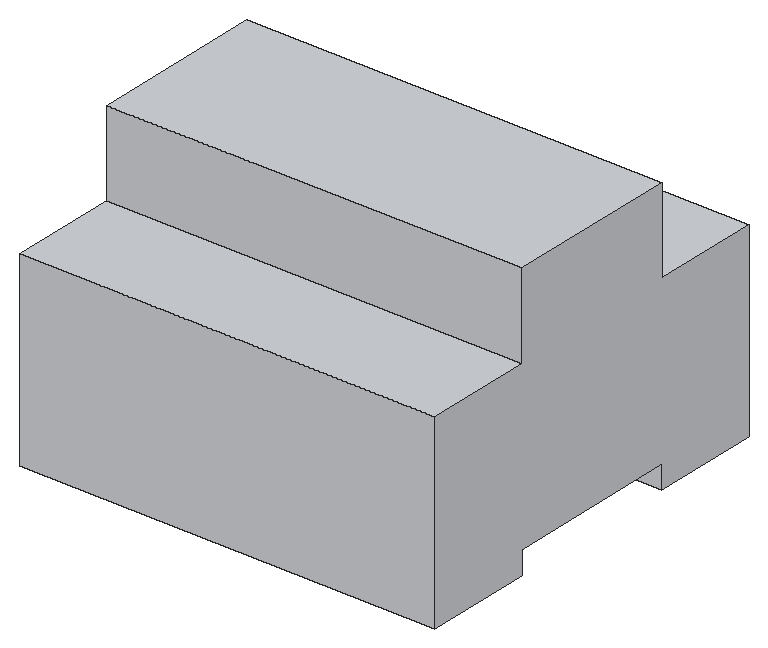
Revit family "Power-ModularDevices-GEWISS-90RCD-BDHP_3P", category Apparecchi elettrici, host Superficie, Revit 2016
Family settings
  Host = Superficie
  Mantenere orientamento annotazione = Sì
  Tipo di parte = Normale
  Quota connettore circolare = Usa diametro
  Numero OmniClass = 23.80.50.00
  Titolo OmniClass = Terminals for Power Supply
  Taglio con vuoti quando caricato = No
  Condiviso = Sì
  Punto di calcolo locali = Sì
Parameters (values of type "GW95480 - HP ADD-ON RCD 3P In 125A SEL.A/1 6M")
  potenza in watt = 0 V
  carico = Altro
  Version file RFA = "19.0"
  URL = "https://www.gewiss.com/ww/en"
  Type: = "A[S]"
  Type = "A(S)"
  Technical sheet = "https://www.gewiss.com/ww/en/search?q=GW95480"
  TIPO = GENERICO - BDHP BLOCCO DIFFERENZIALE 3P : GENERICO - BDHP BLOCCO DIFFERENZIALE 3P
  Stocking temperature = "-40 +70 °C"
  Standard; = "IEC/EN 61009-1 app. G, IEC/EN 61009-2-1 app. G"
  Standard = "EN61009-1 dev. G"
  Spostamento_x = -340 mm
  Section rigid cable = "Max 70 mm²"
  Section flexible cable = "Max 50 mm²"
  SS [instance] = 69.967 mm
  SIMBOLO IN PIANTA [instance] = yes
  SEO = "Add-on RCD"
  Realized by GEWISS S.p.A. = ""
  Rated voltage (IEC/EN 61009-1 app. G, IEC/EN 61009-2-1 app. G) = "400 V"
  Rated voltage = "400V"
  Rated tightening torque = "3.5 / 3 (terminals)"
  Rated residual operating current = "1000 mA"
  Rated insulation voltage (Ui) = "500V"
  Rated impulse withstand voltage = "4KV"
  Rated frequency (Hz) = "50/60 Hz"
  Rated current: = "125A"
  Rated current (In) = "125A"
  Default Elevation = 1219.2 mm
  Produttore = "GEWISS S.p.A."
  Overvoltage category = "III"
  Operating temperature = "-25 +40 °C"
  Numero di poli_ = 1
  Spost_x_eff [instance] = 4000 mm + Spostamento_x  # 3660 mm
  Number of poles = "3P"
  No. of poles = "3P"
  No. of modules EN 50022 = "6"
  No. modules = "6"
  No. Chorus modules = "6"
  Modello = "GW95480"
  Level of immunity (8/20 Âµs) = "3000A"
  Label = "BDHP"
  Insulation voltage = "500V"
  Immagine tipo = GW95480.jpg
  Idn = "1000MA"
  IFC.TypeObject = ""
  IFC.ExportType = ""
  IFC.ExportAs = ""
  IDT = "ca5a2fbe-59d0-4087-a8af-b05ed4db96b5"
  IDF = "eea5066d-2445-4344-b526-7bde9196c985"
  Electrocod = "1412"
  EAN code = "8011564116665"
  Distanza dal piano [instance] = 3 mm
  Descrizione = "HP ADD-ON RCD 3P In<125A SEL.A/1 6M"
  Description = "HIGH PERFORMANCE  RESIDUAL CURRENT DEVICE"
  Catalogue Range = "90 RCD"
  Catalogue = "POWER"
  COBie.Tagnumber = ""
  COBie.CreatedOn = ""
  COBie.CreatebBy = ""
  COBie.ComponentRegisterItemID = ""
  COBie.Component.TagNumber = ""
  COBie.Component.Space = ""
  COBie.Component.SerialNumber = ""
  COBie.Component.InstallationDate = ""
  COBie.Component.Description = ""
  COBie.Component.BarCode = ""
  Assembly position: = "Any"
Types (7, lengths in mm): name | URL | Type: | Type | Technical sheet | Rated residual operating current | Produttore | Modello | Level of immunity (8/20 Âµs) | Immagine tipo | Idn | IDT | Electrocod | EAN code | Descrizione
  (no name) | 0 | "" | "" | "" | "" | 0 | 0 | "" | GW95480.jpg | "" | "" | "" | "" | 0
  GW95480 - HP ADD-ON RCD 3P In 125A SEL.A/1 6M | "https://www.gewiss.com/ww/en" | "A[S]" | "A(S)" | "https://www.gewiss.com/ww/en/search?q=GW95480" | "1000 mA" | "GEWISS S.p.A." | "GW95480" | "3000A" | GW95480.jpg | "1000MA" | "ca5a2fbe-59d0-4087-a8af-b05ed4db96b5" | "1412" | "8011564116665" | "HP ADD-ON RCD 3P In<125A SEL.A/1 6M"
  GW95478 - HP ADD-ON RCD 3P In 125A SEL.A/0.3 6M | "https://www.gewiss.com/ww/en" | "A[S]" | "A(S)" | "https://www.gewiss.com/ww/en/search?q=GW95478" | "300 mA" | "GEWISS S.p.A." | "GW95478" | "3000A" | GW95478.jpg | "300MA" | "d6740c96-70fb-4632-9ca5-aaa0d94d6fb1" | "1412" | "8011564116658" | "HP ADD-ON RCD 3P In<125A SEL.A/0.3 6M"
  GW95448 - HP ADD-ON RCD 3P In 125A IST.A /0.3 6M | "https://www.gewiss.com/ww/en" | "A" | "A" | "https://www.gewiss.com/ww/en/search?q=GW95448" | "300 mA" | "GEWISS S.p.A." | "GW95448" | "250A" | GW95448.jpg | "300MA" | "e3d13623-2a39-4c68-860a-b3c80532fc7c" | "1413" | "8011564116535" | "HP ADD-ON RCD 3P In<125A IST.A /0.3 6M"
  GW95446 - HP ADD-ON RCD 3P In 125A IST.A /0.03 6M | "https://www.gewiss.com/ww/en" | "A" | "A" | "https://www.gewiss.com/ww/en/search?q=GW95446" | "30 mA" | "GEWISS S.p.A." | "GW95446" | "250A" | GW95446.jpg | "30MA" | "d6ce04b4-7837-4592-8533-4db0e2851daf" | "1413" | "8011564116511" | "HP ADD-ON RCD 3P In<125A IST.A /0.03 6M"
  GW95418 - HP ADD-ON RCD 3P In 125A IST.AC/0.3 6M | "https://www.gewiss.com/ww/en" | "AC" | "AC" | "https://www.gewiss.com/ww/en/search?q=GW95418" | "300 mA" | "GEWISS S.p.A." | "GW95418" | "250A" | GW95418.jpg | "300MA" | "c2dd84bc-e5fb-41e8-b04c-4762f930f351" | "1413" | "8011564116337" | "HP ADD-ON RCD 3P In<125A IST.AC/0.3 6M"
  GW95416 - HP ADD-ON RCD 3P In 125A IST.AC/0.03 6M | "https://www.gewiss.com/ww/en" | "AC" | "AC" | "https://www.gewiss.com/ww/en/search?q=GW95416" | "30 mA" | "GEWISS S.p.A." | "GW95416" | "250A" | GW95416.jpg | "30MA" | "3a564aa6-21e5-4113-a4b7-31e0f731f7a0" | "1413" | "8011564116313" | "HP ADD-ON RCD 3P In<125A IST.AC/0.03 6M"
Values of the unnamed type that differ from the named types
  Version file RFA = ""
  Stocking temperature = ""
  Standard; = ""
  Standard = ""
  Section rigid cable = ""
  Section flexible cable = ""
  SEO = ""
  Rated voltage (IEC/EN 61009-1 app. G, IEC/EN 61009-2-1 app. G) = ""
  Rated voltage = ""
  Rated tightening torque = ""
  Rated insulation voltage (Ui) = ""
  Rated impulse withstand voltage = ""
  Rated frequency (Hz) = ""
  Rated current: = ""
  Rated current (In) = ""
  Overvoltage category = ""
  Operating temperature = ""
  Number of poles = ""
  No. of poles = ""
  No. of modules EN 50022 = ""
  No. modules = ""
  No. Chorus modules = ""
  Label = ""
  Insulation voltage = ""
  IDF = ""
  Description = ""
  Catalogue Range = ""
  Catalogue = ""
  Assembly position: = ""
Reference planes
  plane 1 "Centro (Fronte/Retro)": y = 0
  plane 2: z = 0
  plane 3 "Centro (Sinistra/Destra)": x = 0
  plane 4: z = -7
  plane 5: x = -4000
  plane 6: x = -340
  plane 7: y = 69.967
  plane 8: through (-123.33, 176.629, 1219.2) normal (0.4695, 0.8829, 0)
  plane 9: y = -171.035
  plane 10: through (0, 1129.967, 1219.2) normal (0.5956, -0.8033, 0)
  plane 11: x = -1757.605
  plane 12: y = -810.47
  plane 13: y = 1372.834
  plane 14: z = -10
Text (mm)
  text "AB_O=5" at (124.836, -56.641, 0), in view "Livello rif."
  text "SPOST=810+AB_O" at (-2693.079, -258.472, 0), in view "Livello rif."
Dimensions and locks
  "Distanza dal piano": plane 14 to plane 4
  plane 5 to plane 3 "Centro (Sinistra/Destra)" = 4000 mm
  "Spost_x_eff": plane 5 to plane 6
  "SS": plane 1 "Centro (Fronte/Retro)" to plane 7
  plane 11 to plane 3 "Centro (Sinistra/Destra)" = 1757.605 mm
  plane 13 to plane 1 "Centro (Fronte/Retro)" = 1372.834 mm
  plane 12 to plane 1 "Centro (Fronte/Retro)" = 810.47 mm
  locked: plane 2 to plane 14 at 10
  angle plane 8 to plane 9 = 28.00°  (x2)
  angle plane 3 "Centro (Sinistra/Destra)" to plane 8 = 62.00°
  angle plane 9 to plane 5 = 90.00°
  angle plane 10 to plane 11 = 53.445°
  aligned and locked: plane 2 to host face
  aligned and locked: level to host face
  aligned and locked: plane 3 "Centro (Sinistra/Destra)" to nested 1
  aligned and locked: plane 1 "Centro (Fronte/Retro)" to nested 1
  aligned and locked: nested 1 to plane 4
Automatic sketch dimensions
  host sketch curve to host sketch curve = 6519.2 mm
  host sketch curve to host sketch curve = 4328.142 mm
Nested families
  nested 1: "GENERICO - BDHP BLOCCO DIFFERENZIALE 3P" at (0, 22.5, -50), type "GENERICO - BDHP BLOCCO DIFFERENZIALE 3P"
Definition of nested family "GENERICO - BDHP BLOCCO DIFFERENZIALE 3P"
  Parameters (values of type "GENERICO - BDHP BLOCCO DIFFERENZIALE 3P")
    h_barra din = if(Altezza barre = 1 mm, 69.9 mm, if(Altezza barre = 2 mm, 115.8 mm, 0 mm))  # 0 mm
    TIPO = 15
    H = if(AB_O = 1, AB_V, if(AB_O = 2, AB_H, 50.8 mm))  # 50.8 mm
    Dist barra din = 0 mm  # constant formula
    C1 = 49 mm  # constant formula
    C = 65 mm  # constant formula
    B = 101 mm  # constant formula
    Altezza barre = 5 mm  # constant formula
    AB_V = 3 mm  # constant formula
    AB_H = 5 mm  # constant formula
    AB_O = 0  # constant formula
    A2 = 12.5 mm  # constant formula
    A = 107 mm  # constant formula
  Reference planes
    plane 1 "Centro (Fronte/Retro)": y = 0
    plane 2: z = 0
    plane 3 "Centro (Sinistra/Destra)": x = 0
    plane 4: y = -50.5
    plane 5: y = 50.5
    plane 6: z = 0
    plane 7: z = -6
    plane 8 "top": z = 65
    plane 9 "incasso": z = 43
    plane 10: y = -22.5
    plane 11: y = 22.5
    plane 12: x = -53.5
    plane 13: x = 53.5
    plane 14: through (4267.2, -42.5, 9) normal (0, -0.1901, 0.9818)
    plane 15: y = -30
    plane 16: y = 30
  Forms (mm)
    Extrusion 1, solid
      sketch origin (0, 0, 0) x (0, 1, 0) y (0, 0, 1)
        loop
          line (-22.5, 0) -> (22.5, 0) -> (22.5, -6) -> (50.5, -6) -> (50.5, 43) -> (22.5, 43) -> (22.5, 65) -> (-22.5, 65) -> (-22.5, 43) -> (-50.5, 43) -> (-50.5, -6) -> (-22.5, -6) -> (-22.5, 0)
      from -53.5 to 53.5
  Lines and regions (mm)
    symbolic lines
      curve 1: line (0, 0, 15) -> (0, 0, -6)
      curve 2: line (0, -22.5, 0) -> (0, 22.5, 0)
    model lines
      curve 3: line (-53.5, -48.052, 43) -> (53.5, -48.052, 43)
      curve 4: line (-34.02, -28.898, 43) -> (-34.02, -25.593, 43)
      curve 5: line (-34.02, -25.593, 43) -> (-23.806, -25.593, 43)
      curve 6: line (-23.806, -25.593, 43) -> (-23.806, -28.898, 43)
      curve 7: line (-23.806, -28.898, 43) -> (-34.02, -28.898, 43)
      curve 194: line (-3.899, -22.5, 65) -> (-3.899, 3.51, 65)
      curve 195: line (-3.899, 3.51, 65) -> (32.324, 3.51, 65)
      curve 196: line (32.324, 3.51, 65) -> (32.324, -22.5, 65)
      curve 197: line (-34.02, -20.947, 65) -> (-34.02, -17.642, 65)
      curve 198: line (-34.02, -17.642, 65) -> (-23.806, -17.642, 65)
      curve 199: line (-23.806, -17.642, 65) -> (-23.806, -20.947, 65)
      curve 200: line (-23.806, -20.947, 65) -> (-34.02, -20.947, 65)
      curve 201: line (-33.967, -10.589, 65) -> (-33.967, 1.517, 65)
      curve 202: line (-33.967, 1.517, 65) -> (-33.782, 2.358, 65)
      curve 203: line (-33.782, 2.358, 65) -> (-33.381, 2.931, 65)
      curve 204: line (-33.381, 2.931, 65) -> (-32.785, 3.342, 65)
      curve 205: line (-32.785, 3.342, 65) -> (-31.967, 3.517, 65)
      curve 206: line (-31.967, 3.517, 65) -> (-25.766, 3.517, 65)
      curve 207: line (-25.766, 3.517, 65) -> (-24.948, 3.342, 65)
      curve 208: line (-24.948, 3.342, 65) -> (-24.352, 2.931, 65)
      curve 209: line (-24.352, 2.931, 65) -> (-23.951, 2.358, 65)
      curve 210: line (-23.951, 2.358, 65) -> (-23.766, 1.517, 65)
      curve 211: line (-23.766, 1.517, 65) -> (-23.766, -10.589, 65)
      curve 212: line (-23.766, -10.589, 65) -> (-23.951, -11.43, 65)
      curve 213: line (-23.951, -11.43, 65) -> (-24.352, -12.003, 65)
      curve 214: line (-24.352, -12.003, 65) -> (-24.948, -12.414, 65)
      curve 215: line (-24.948, -12.414, 65) -> (-25.766, -12.589, 65)
      curve 216: line (-25.766, -12.589, 65) -> (-31.967, -12.589, 65)
      curve 217: line (-31.967, -12.589, 65) -> (-32.785, -12.414, 65)
      curve 218: line (-32.785, -12.414, 65) -> (-33.381, -12.003, 65)
      curve 219: line (-33.381, -12.003, 65) -> (-33.782, -11.43, 65)
      curve 220: line (-33.782, -11.43, 65) -> (-33.967, -10.589, 65)
    model lines, detail levels fine
      curve 8: line (-48.989, -18.31, 65) -> (-48.989, -20.505, 65)
      curve 9: line (-48.989, -20.505, 65) -> (-49.724, -20.505, 65)
      curve 10: line (-49.724, -20.505, 65) -> (-50.15, -20.451, 65)
      curve 11: line (-50.15, -20.451, 65) -> (-50.672, -20.22, 65)
      curve 12: line (-50.672, -20.22, 65) -> (-51.086, -19.836, 65)
      curve 13: line (-51.086, -19.836, 65) -> (-51.361, -19.317, 65)
      curve 14: line (-51.361, -19.317, 65) -> (-51.446, -18.766, 65)
      curve 15: line (-51.446, -18.766, 65) -> (-51.363, -18.257, 65)
      curve 16: line (-51.363, -18.257, 65) -> (-51.143, -17.808, 65)
      curve 17: line (-51.143, -17.808, 65) -> (-50.748, -17.398, 65)
      curve 18: line (-50.748, -17.398, 65) -> (-50.269, -17.15, 65)
      curve 19: line (-50.269, -17.15, 65) -> (-49.731, -17.061, 65)
      curve 20: line (-49.731, -17.061, 65) -> (-48.989, -17.061, 65)
      curve 21: line (-48.989, -17.061, 65) -> (-48.989, -18.007, 65)
      curve 22: line (-48.989, -18.007, 65) -> (-50.238, -18.007, 65)
      curve 23: line (-50.238, -18.007, 65) -> (-50.238, -19.559, 65)
      curve 24: line (-50.238, -19.559, 65) -> (-49.933, -19.559, 65)
      curve 25: line (-49.933, -19.559, 65) -> (-49.933, -18.31, 65)
      curve 26: line (-49.933, -18.31, 65) -> (-48.989, -18.31, 65)
      curve 27: line (-46.018, -20.505, 65) -> (-48.686, -20.505, 65)
      curve 28: line (-48.686, -20.505, 65) -> (-48.686, -17.061, 65)
      curve 29: line (-48.686, -17.061, 65) -> (-47.267, -17.061, 65)
      curve 30: line (-47.267, -17.061, 65) -> (-47.267, -18.007, 65)
      curve 31: line (-47.267, -18.007, 65) -> (-47.74, -18.007, 65)
      curve 32: line (-47.74, -18.007, 65) -> (-47.74, -18.31, 65)
      curve 33: line (-47.74, -18.31, 65) -> (-46.018, -18.31, 65)
      curve 34: line (-46.018, -18.31, 65) -> (-46.018, -19.256, 65)
      curve 35: line (-46.018, -19.256, 65) -> (-47.74, -19.256, 65)
      curve 36: line (-47.74, -19.256, 65) -> (-47.74, -19.559, 65)
      curve 37: line (-47.74, -19.559, 65) -> (-46.018, -19.559, 65)
      curve 38: line (-46.018, -19.559, 65) -> (-46.018, -20.505, 65)
      curve 39: line (-41.193, -20.505, 65) -> (-41.193, -18.31, 65)
      curve 40: line (-41.193, -18.31, 65) -> (-42.139, -18.31, 65)
      curve 41: line (-42.139, -18.31, 65) -> (-42.139, -20.505, 65)
      curve 42: line (-42.139, -20.505, 65) -> (-41.193, -20.505, 65)
      curve 43: line (-44.362, -20.505, 65) -> (-44.078, -19.086, 65)
      curve 44: line (-44.078, -19.086, 65) -> (-43.795, -20.505, 65)
      curve 45: line (-43.795, -20.505, 65) -> (-42.849, -20.505, 65)
      curve 46: line (-42.849, -20.505, 65) -> (-42.262, -18.007, 65)
      curve 47: line (-42.262, -18.007, 65) -> (-41.193, -18.007, 65)
      curve 48: line (-41.193, -18.007, 65) -> (-41.193, -17.061, 65)
      curve 49: line (-41.193, -17.061, 65) -> (-43.009, -17.061, 65)
      curve 50: line (-43.009, -17.061, 65) -> (-43.35, -18.518, 65)
      curve 51: line (-43.35, -18.518, 65) -> (-43.586, -17.061, 65)
      curve 52: line (-43.586, -17.061, 65) -> (-44.57, -17.061, 65)
      curve 53: line (-44.57, -17.061, 65) -> (-44.807, -18.518, 65)
      curve 54: line (-44.807, -18.518, 65) -> (-45.148, -17.061, 65)
      curve 55: line (-45.148, -17.061, 65) -> (-46.964, -17.061, 65)
      curve 56: line (-46.964, -17.061, 65) -> (-46.964, -18.007, 65)
      curve 57: line (-46.964, -18.007, 65) -> (-45.895, -18.007, 65)
      curve 58: line (-45.895, -18.007, 65) -> (-45.31, -20.505, 65)
      curve 59: line (-45.31, -20.505, 65) -> (-44.362, -20.505, 65)
      curve 60: line (-38.222, -17.061, 65) -> (-40.89, -17.061, 65)
      curve 61: line (-40.89, -17.061, 65) -> (-40.89, -19.256, 65)
      curve 62: line (-40.89, -19.256, 65) -> (-39.168, -19.256, 65)
      curve 63: line (-39.168, -19.256, 65) -> (-39.168, -19.559, 65)
      curve 64: line (-39.168, -19.559, 65) -> (-40.89, -19.559, 65)
      curve 65: line (-40.89, -19.559, 65) -> (-40.89, -20.505, 65)
      curve 66: line (-40.89, -20.505, 65) -> (-38.222, -20.505, 65)
      curve 67: line (-38.222, -20.505, 65) -> (-38.222, -18.31, 65)
      curve 68: line (-38.222, -18.31, 65) -> (-39.944, -18.31, 65)
      curve 69: line (-39.944, -18.31, 65) -> (-39.944, -18.007, 65)
      curve 70: line (-39.944, -18.007, 65) -> (-38.222, -18.007, 65)
      curve 71: line (-38.222, -18.007, 65) -> (-38.222, -17.061, 65)
      curve 72: line (-37.919, -17.061, 65) -> (-37.919, -19.256, 65)
      curve 73: line (-37.919, -19.256, 65) -> (-36.314, -19.256, 65)
      curve 74: line (-36.314, -19.256, 65) -> (-36.314, -19.559, 65)
      curve 75: line (-36.314, -19.559, 65) -> (-37.919, -19.559, 65)
      curve 76: line (-37.919, -19.559, 65) -> (-37.919, -20.505, 65)
      curve 77: line (-37.919, -20.505, 65) -> (-36.973, -20.505, 65)
      curve 78: line (-36.973, -20.505, 65) -> (-36.427, -20.329, 65)
      curve 79: line (-36.427, -20.329, 65) -> (-36.074, -20.099, 65)
      curve 80: line (-36.074, -20.099, 65) -> (-35.671, -19.604, 65)
      curve 81: line (-35.671, -19.604, 65) -> (-35.483, -19.048, 65)
      curve 82: line (-35.483, -19.048, 65) -> (-35.477, -18.555, 65)
      curve 83: line (-35.477, -18.555, 65) -> (-35.529, -18.31, 65)
      curve 84: line (-35.529, -18.31, 65) -> (-36.973, -18.31, 65)
      curve 85: line (-36.973, -18.31, 65) -> (-36.973, -18.007, 65)
      curve 86: line (-36.973, -18.007, 65) -> (-35.658, -18.007, 65)
      curve 87: line (-35.658, -18.007, 65) -> (-35.829, -17.721, 65)
      curve 88: line (-35.829, -17.721, 65) -> (-36.075, -17.466, 65)
      curve 89: line (-36.075, -17.466, 65) -> (-36.417, -17.241, 65)
      curve 90: line (-36.417, -17.241, 65) -> (-36.775, -17.11, 65)
      curve 91: line (-36.775, -17.11, 65) -> (-37.177, -17.061, 65)
      curve 92: line (-37.177, -17.061, 65) -> (-37.919, -17.061, 65)
    model lines, detail levels medium+fine
      curve 93: line (-26.208, -39.622, 43) -> (-24.926, -39.965, 43)
      curve 94: line (-24.926, -39.965, 43) -> (-23.987, -40.904, 43)
      curve 95: line (-23.987, -40.904, 43) -> (-23.644, -42.186, 43)
      curve 96: line (-23.644, -42.186, 43) -> (-23.987, -43.468, 43)
      curve 97: line (-23.987, -43.468, 43) -> (-24.926, -44.406, 43)
      curve 98: line (-24.926, -44.406, 43) -> (-26.208, -44.749, 43)
      curve 99: line (-26.208, -44.749, 43) -> (-27.489, -44.406, 43)
      curve 100: line (-27.489, -44.406, 43) -> (-28.428, -43.468, 43)
      curve 101: line (-28.428, -43.468, 43) -> (-28.771, -42.186, 43)
      curve 102: line (-28.771, -42.186, 43) -> (-28.428, -40.904, 43)
      curve 103: line (-28.428, -40.904, 43) -> (-27.489, -39.965, 43)
      curve 104: line (-27.489, -39.965, 43) -> (-26.208, -39.622, 43)
      curve 105: line (-4.78, -39.622, 43) -> (-3.498, -39.965, 43)
      curve 106: line (-3.498, -39.965, 43) -> (-2.559, -40.904, 43)
      curve 107: line (-2.559, -40.904, 43) -> (-2.216, -42.186, 43)
      curve 108: line (-2.216, -42.186, 43) -> (-2.559, -43.468, 43)
      curve 109: line (-2.559, -43.468, 43) -> (-3.498, -44.406, 43)
      curve 110: line (-3.498, -44.406, 43) -> (-4.78, -44.749, 43)
      curve 111: line (-4.78, -44.749, 43) -> (-6.062, -44.406, 43)
      curve 112: line (-6.062, -44.406, 43) -> (-7, -43.468, 43)
      curve 113: line (-7, -43.468, 43) -> (-7.344, -42.186, 43)
      curve 114: line (-7.344, -42.186, 43) -> (-7, -40.904, 43)
      curve 115: line (-7, -40.904, 43) -> (-6.062, -39.965, 43)
      curve 116: line (-6.062, -39.965, 43) -> (-4.78, -39.622, 43)
      curve 117: line (16.648, -39.622, 43) -> (17.93, -39.965, 43)
      curve 118: line (17.93, -39.965, 43) -> (18.868, -40.904, 43)
      curve 119: line (18.868, -40.904, 43) -> (19.212, -42.186, 43)
      curve 120: line (19.212, -42.186, 43) -> (18.868, -43.468, 43)
      curve 121: line (18.868, -43.468, 43) -> (17.93, -44.406, 43)
      curve 122: line (17.93, -44.406, 43) -> (16.648, -44.749, 43)
      curve 123: line (16.648, -44.749, 43) -> (15.366, -44.406, 43)
      curve 124: line (15.366, -44.406, 43) -> (14.428, -43.468, 43)
      curve 125: line (14.428, -43.468, 43) -> (14.084, -42.186, 43)
      curve 126: line (14.084, -42.186, 43) -> (14.428, -40.904, 43)
      curve 127: line (14.428, -40.904, 43) -> (15.366, -39.965, 43)
      curve 128: line (15.366, -39.965, 43) -> (16.648, -39.622, 43)
      curve 129: line (38.076, -39.622, 43) -> (39.358, -39.965, 43)
      curve 130: line (39.358, -39.965, 43) -> (40.296, -40.904, 43)
      curve 131: line (40.296, -40.904, 43) -> (40.64, -42.186, 43)
      curve 132: line (40.64, -42.186, 43) -> (40.296, -43.468, 43)
      curve 133: line (40.296, -43.468, 43) -> (39.358, -44.406, 43)
      curve 134: line (39.358, -44.406, 43) -> (38.076, -44.749, 43)
      curve 135: line (38.076, -44.749, 43) -> (36.794, -44.406, 43)
      curve 136: line (36.794, -44.406, 43) -> (35.856, -43.468, 43)
      curve 137: line (35.856, -43.468, 43) -> (35.512, -42.186, 43)
      curve 138: line (35.512, -42.186, 43) -> (35.856, -40.904, 43)
      curve 139: line (35.856, -40.904, 43) -> (36.794, -39.965, 43)
      curve 140: line (36.794, -39.965, 43) -> (38.076, -39.622, 43)
    model lines, not visible
      curve 141: line (105.973, 75.861, 43) -> (212.973, 75.861, 43)
      curve 142: line (125.452, 95.016, 43) -> (125.452, 98.32, 43)
      curve 143: line (125.452, 98.32, 43) -> (135.667, 98.32, 43)
      curve 144: line (135.667, 98.32, 43) -> (135.667, 95.016, 43)
      curve 145: line (135.667, 95.016, 43) -> (125.452, 95.016, 43)
      curve 221: line (168.247, 102.637, 65) -> (168.247, 128.647, 65)
      curve 222: line (168.247, 128.647, 65) -> (204.469, 128.647, 65)
      curve 223: line (204.469, 128.647, 65) -> (204.469, 102.637, 65)
      curve 224: line (138.125, 104.19, 65) -> (138.125, 107.495, 65)
      curve 225: line (138.125, 107.495, 65) -> (148.34, 107.495, 65)
      curve 226: line (148.34, 107.495, 65) -> (148.34, 104.19, 65)
      curve 227: line (148.34, 104.19, 65) -> (138.125, 104.19, 65)
      curve 228: line (138.179, 114.548, 65) -> (138.179, 126.654, 65)
      curve 229: line (138.179, 126.654, 65) -> (138.364, 127.495, 65)
      curve 230: line (138.364, 127.495, 65) -> (138.765, 128.068, 65)
      curve 231: line (138.765, 128.068, 65) -> (139.361, 128.479, 65)
      curve 232: line (139.361, 128.479, 65) -> (140.179, 128.654, 65)
      curve 233: line (140.179, 128.654, 65) -> (146.38, 128.654, 65)
      curve 234: line (146.38, 128.654, 65) -> (147.198, 128.479, 65)
      curve 235: line (147.198, 128.479, 65) -> (147.794, 128.068, 65)
      curve 236: line (147.794, 128.068, 65) -> (148.194, 127.495, 65)
      curve 237: line (148.194, 127.495, 65) -> (148.38, 126.654, 65)
      curve 238: line (148.38, 126.654, 65) -> (148.38, 114.548, 65)
      curve 239: line (148.38, 114.548, 65) -> (148.194, 113.707, 65)
      curve 240: line (148.194, 113.707, 65) -> (147.794, 113.133, 65)
      curve 241: line (147.794, 113.133, 65) -> (147.198, 112.723, 65)
      curve 242: line (147.198, 112.723, 65) -> (146.38, 112.548, 65)
      curve 243: line (146.38, 112.548, 65) -> (140.179, 112.548, 65)
      curve 244: line (140.179, 112.548, 65) -> (139.361, 112.723, 65)
      curve 245: line (139.361, 112.723, 65) -> (138.765, 113.133, 65)
      curve 246: line (138.765, 113.133, 65) -> (138.364, 113.707, 65)
      curve 247: line (138.364, 113.707, 65) -> (138.179, 114.548, 65)
    model lines, not visible, detail levels medium+fine
      curve 146: line (133.265, 84.292, 43) -> (134.547, 83.948, 43)
      curve 147: line (134.547, 83.948, 43) -> (135.485, 83.01, 43)
      curve 148: line (135.485, 83.01, 43) -> (135.829, 81.728, 43)
      curve 149: line (135.829, 81.728, 43) -> (135.485, 80.446, 43)
      curve 150: line (135.485, 80.446, 43) -> (134.547, 79.507, 43)
      curve 151: line (134.547, 79.507, 43) -> (133.265, 79.164, 43)
      curve 152: line (133.265, 79.164, 43) -> (131.983, 79.507, 43)
      curve 153: line (131.983, 79.507, 43) -> (131.045, 80.446, 43)
      curve 154: line (131.045, 80.446, 43) -> (130.701, 81.728, 43)
      curve 155: line (130.701, 81.728, 43) -> (131.045, 83.01, 43)
      curve 156: line (131.045, 83.01, 43) -> (131.983, 83.948, 43)
      curve 157: line (131.983, 83.948, 43) -> (133.265, 84.292, 43)
      curve 158: line (154.693, 84.292, 43) -> (155.975, 83.948, 43)
      curve 159: line (155.975, 83.948, 43) -> (156.913, 83.01, 43)
      curve 160: line (156.913, 83.01, 43) -> (157.257, 81.728, 43)
      curve 161: line (157.257, 81.728, 43) -> (156.913, 80.446, 43)
      curve 162: line (156.913, 80.446, 43) -> (155.975, 79.507, 43)
      curve 163: line (155.975, 79.507, 43) -> (154.693, 79.164, 43)
      curve 164: line (154.693, 79.164, 43) -> (153.411, 79.507, 43)
      curve 165: line (153.411, 79.507, 43) -> (152.473, 80.446, 43)
      curve 166: line (152.473, 80.446, 43) -> (152.129, 81.728, 43)
      curve 167: line (152.129, 81.728, 43) -> (152.473, 83.01, 43)
      curve 168: line (152.473, 83.01, 43) -> (153.411, 83.948, 43)
      curve 169: line (153.411, 83.948, 43) -> (154.693, 84.292, 43)
      curve 170: line (176.121, 84.292, 43) -> (177.403, 83.948, 43)
      curve 171: line (177.403, 83.948, 43) -> (178.341, 83.01, 43)
      curve 172: line (178.341, 83.01, 43) -> (178.684, 81.728, 43)
      curve 173: line (178.684, 81.728, 43) -> (178.341, 80.446, 43)
      curve 174: line (178.341, 80.446, 43) -> (177.403, 79.507, 43)
      curve 175: line (177.403, 79.507, 43) -> (176.121, 79.164, 43)
      curve 176: line (176.121, 79.164, 43) -> (174.839, 79.507, 43)
      curve 177: line (174.839, 79.507, 43) -> (173.9, 80.446, 43)
      curve 178: line (173.9, 80.446, 43) -> (173.557, 81.728, 43)
      curve 179: line (173.557, 81.728, 43) -> (173.9, 83.01, 43)
      curve 180: line (173.9, 83.01, 43) -> (174.839, 83.948, 43)
      curve 181: line (174.839, 83.948, 43) -> (176.121, 84.292, 43)
      curve 182: line (197.549, 84.292, 43) -> (198.83, 83.948, 43)
      curve 183: line (198.83, 83.948, 43) -> (199.769, 83.01, 43)
      curve 184: line (199.769, 83.01, 43) -> (200.112, 81.728, 43)
      curve 185: line (200.112, 81.728, 43) -> (199.769, 80.446, 43)
      curve 186: line (199.769, 80.446, 43) -> (198.83, 79.507, 43)
      curve 187: line (198.83, 79.507, 43) -> (197.549, 79.164, 43)
      curve 188: line (197.549, 79.164, 43) -> (196.267, 79.507, 43)
      curve 189: line (196.267, 79.507, 43) -> (195.328, 80.446, 43)
      curve 190: line (195.328, 80.446, 43) -> (194.985, 81.728, 43)
      curve 191: line (194.985, 81.728, 43) -> (195.328, 83.01, 43)
      curve 192: line (195.328, 83.01, 43) -> (196.267, 83.948, 43)
      curve 193: line (196.267, 83.948, 43) -> (197.549, 84.292, 43)
  Text (mm)
    text "AB_V" at (0, 50.868, 44.72), in view "Destra"
    text "AB_O" at (0, -80.659, 111.963), in view "Destra"
  Dimensions and locks
    equal spacing: plane 4, plane 1 "Centro (Fronte/Retro)", plane 5
    "B": plane 4 to plane 5
    "Dist barra din": plane 6 to level
    locked: plane 6 to plane 7 at 6
    "C": plane 8 "top" to plane 6
    equal spacing: plane 10, plane 1 "Centro (Fronte/Retro)", plane 11
    plane 10 to plane 11 = 45 mm
    equal spacing: plane 12, plane 3 "Centro (Sinistra/Destra)", plane 13
    "A": plane 12 to plane 13
    "C1": plane 9 "incasso" to plane 7
    plane 4 to plane 10 = 28 mm
    plane 11 to plane 5 = 28 mm
    angle level to plane 14 = 10.9557°
    angle plane 4 to plane 8 "top" = 90.00°
    aligned and locked: level to plane 2
    aligned and locked: Extrusion 1 sketch curve to plane 6
    aligned and locked: Extrusion 1 sketch curve to plane 7
    aligned and locked: Extrusion 1 sketch curve to plane 4
    aligned and locked: Extrusion 1 sketch curve to plane 11  (x2)
    aligned and locked: Extrusion 1 sketch curve to plane 10
    aligned and locked: plane 1 "Centro (Fronte/Retro)" to curve 1
    aligned and locked: Extrusion 1 to plane 6
    aligned and locked: Extrusion 1 to plane 12
    aligned and locked: plane 13 to Extrusion 1
    aligned and locked: plane 10 to Extrusion 1 sketch curve
    aligned and locked: Extrusion 1 sketch curve to plane 5
    aligned and locked: plane 9 "incasso" to Extrusion 1  (x2)
  Automatic sketch dimensions
    curve 2 to level = 0 mm
    curve 2 to plane 10 = 0 mm
    curve 2 to plane 11 = 0 mm
    curve 1 to plane 7 = 0 mm
    level to curve 1 = 15 mm
    Extrusion 1 sketch curve to plane 7 = 0 mm
    Extrusion 1 sketch curve to plane 9 "incasso" = 0 mm  (x2)
    Extrusion 1 sketch curve to plane 8 "top" = 0 mm
    curve 206 to curve 207 = 0.175 mm
    curve 205 to curve 205 = 0.175 mm
    curve 204 to curve 203 = 0.411 mm
    curve 207 to curve 208 = 0.411 mm
    curve 208 to curve 210 = 0.574 mm
    curve 204 to curve 202 = 0.574 mm
    curve 210 to curve 210 = 0.841 mm
    curve 203 to curve 202 = 0.841 mm
    curve 210 to curve 211 = 12.106 mm
    curve 201 to curve 211 = 0 mm
    curve 201 to curve 220 = 0.841 mm
    curve 211 to curve 212 = 0.841 mm
    curve 212 to curve 213 = 0.574 mm
    curve 219 to curve 218 = 0.574 mm
    curve 218 to curve 218 = 0.411 mm
    curve 213 to curve 215 = 0.411 mm
    curve 214 to curve 216 = 0.175 mm
    curve 214 to curve 199 = 5.228 mm
    curve 198 to curve 199 = 3.305 mm
    curve 197 to curve 201 = 0.054 mm
    curve 201 to curve 203 = 0.185 mm
    curve 201 to curve 220 = 0.185 mm
    curve 202 to curve 204 = 0.401 mm
    curve 219 to curve 218 = 0.401 mm
    curve 203 to curve 205 = 0.596 mm
    curve 218 to curve 217 = 0.596 mm
    curve 204 to curve 205 = 0.818 mm
    curve 217 to curve 216 = 0.818 mm
    curve 205 to curve 206 = 6.201 mm
    curve 216 to curve 215 = 6.201 mm
    curve 206 to curve 208 = 0.818 mm
    curve 215 to curve 215 = 0.818 mm
    curve 207 to curve 209 = 0.596 mm
    curve 214 to curve 213 = 0.596 mm
    curve 213 to curve 213 = 0.401 mm
    curve 208 to curve 210 = 0.401 mm
    curve 215 to curve 199 = 1.96 mm
    curve 210 to curve 210 = 0.185 mm
    curve 210 to curve 195 = 19.867 mm
    curve 196 to curve 210 = 1.993 mm
    curve 194 to curve 196 = 36.222 mm
    curve 199 to curve 194 = 1.553 mm
    curve 195 to curve 196 = 26.01 mm
    curve 233 to curve 234 = 0.175 mm
    curve 232 to curve 232 = 0.175 mm
    curve 231 to curve 230 = 0.411 mm
    curve 234 to curve 235 = 0.411 mm
    curve 235 to curve 237 = 0.574 mm
    curve 231 to curve 229 = 0.574 mm
    curve 237 to curve 237 = 0.841 mm
    curve 230 to curve 229 = 0.841 mm
    curve 237 to curve 238 = 12.106 mm
    curve 228 to curve 238 = 0 mm
    curve 228 to curve 247 = 0.841 mm
    curve 238 to curve 239 = 0.841 mm
    curve 239 to curve 240 = 0.574 mm
    curve 246 to curve 245 = 0.574 mm
    curve 245 to curve 245 = 0.411 mm
    curve 240 to curve 242 = 0.411 mm
    curve 241 to curve 243 = 0.175 mm
    curve 241 to curve 226 = 5.228 mm
    curve 225 to curve 226 = 3.305 mm
    curve 224 to curve 228 = 0.054 mm
    curve 228 to curve 230 = 0.185 mm
    curve 228 to curve 247 = 0.185 mm
    curve 229 to curve 231 = 0.401 mm
    curve 246 to curve 245 = 0.401 mm
    curve 230 to curve 232 = 0.596 mm
    curve 245 to curve 244 = 0.596 mm
    curve 231 to curve 232 = 0.818 mm
    curve 244 to curve 243 = 0.818 mm
    curve 232 to curve 233 = 6.201 mm
    curve 243 to curve 242 = 6.201 mm
    curve 233 to curve 235 = 0.818 mm
    curve 242 to curve 242 = 0.818 mm
    curve 234 to curve 236 = 0.596 mm
    curve 241 to curve 240 = 0.596 mm
    curve 240 to curve 240 = 0.401 mm
    curve 235 to curve 237 = 0.401 mm
    curve 242 to curve 226 = 1.96 mm
    curve 237 to curve 237 = 0.185 mm
    curve 237 to curve 222 = 19.867 mm
    curve 223 to curve 237 = 1.993 mm
    curve 221 to curve 223 = 36.222 mm
    curve 226 to curve 221 = 1.553 mm
    curve 222 to curve 223 = 26.01 mm
    curve 28 to Extrusion 1 = 1.995 mm
    Extrusion 1 to curve 82 = 18.023 mm
    curve 59 to curve 46 = 0 mm
    curve 45 to curve 42 = 0 mm
    curve 38 to curve 59 = 0 mm
    curve 39 to curve 65 = 0 mm
    curve 66 to curve 76 = 0 mm
    curve 27 to curve 8 = 0 mm
    curve 9 to curve 10 = 0.054 mm
    curve 77 to curve 78 = 0.175 mm
    curve 10 to curve 12 = 0.231 mm
    curve 78 to curve 79 = 0.23 mm
    curve 11 to curve 12 = 0.384 mm
    curve 79 to curve 80 = 0.495 mm
    curve 11 to curve 23 = 0.661 mm
    curve 79 to curve 75 = 0.541 mm
    curve 63 to curve 75 = 0 mm
    curve 27 to curve 38 = 0.946 mm
    curve 12 to curve 14 = 0.518 mm
    curve 37 to curve 34 = 0.303 mm
    curve 64 to curve 61 = 0.303 mm
    curve 75 to curve 72 = 0.303 mm
    curve 44 to curve 44 = 1.419 mm
    curve 82 to curve 82 = 0.493 mm
    curve 13 to curve 14 = 0.552 mm
    curve 43 to curve 54 = 0.568 mm
    curve 43 to curve 50 = 0.568 mm
    curve 24 to curve 25 = 1.249 mm
    curve 73 to curve 85 = 0.946 mm
    curve 62 to curve 68 = 0.946 mm
    curve 62 to curve 39 = 0.946 mm
    curve 82 to curve 83 = 0.245 mm
    curve 35 to curve 32 = 0.946 mm
    curve 14 to curve 16 = 0.509 mm
    curve 32 to curve 56 = 0.302 mm
    curve 84 to curve 86 = 0.303 mm
    curve 40 to curve 47 = 0.303 mm
    curve 25 to curve 23 = 0.303 mm
    curve 67 to curve 71 = 0.303 mm
    curve 56 to curve 31 = 0 mm
    curve 15 to curve 16 = 0.449 mm
    curve 86 to curve 87 = 0.286 mm
    curve 87 to curve 89 = 0.255 mm
    curve 16 to curve 17 = 0.41 mm
    curve 88 to curve 89 = 0.225 mm
    curve 17 to curve 18 = 0.249 mm
    curve 89 to curve 91 = 0.131 mm
    curve 18 to curve 19 = 0.089 mm
    curve 20 to curve 28 = 0 mm
    curve 71 to curve 72 = 0 mm
    curve 48 to curve 60 = 0 mm
    curve 29 to curve 56 = 0 mm
    curve 54 to curve 53 = 0 mm
    curve 90 to curve 91 = 0.049 mm
    curve 82 to curve 81 = 0.005 mm
    curve 82 to curve 84 = 0.051 mm
    curve 83 to curve 86 = 0.129 mm
    curve 81 to curve 81 = 0.188 mm
    curve 86 to curve 87 = 0.171 mm
    curve 80 to curve 79 = 0.404 mm
    curve 87 to curve 88 = 0.246 mm
    curve 79 to curve 74 = 0.239 mm
    curve 88 to curve 90 = 0.342 mm
    curve 79 to curve 78 = 0.353 mm
    curve 89 to curve 90 = 0.358 mm
    curve 73 to curve 85 = 0.66 mm
    curve 78 to curve 78 = 0.546 mm
    curve 90 to curve 92 = 0.402 mm
    curve 91 to curve 92 = 0.743 mm
    curve 73 to curve 75 = 0 mm
    curve 72 to curve 71 = 0.303 mm
    curve 76 to curve 66 = 0.303 mm
    curve 75 to curve 63 = 1.249 mm
    curve 62 to curve 69 = 0.776 mm
    curve 62 to curve 65 = 0 mm
    curve 69 to curve 61 = 0.946 mm
    curve 60 to curve 49 = 0.303 mm
    curve 65 to curve 42 = 0.303 mm
    curve 39 to curve 41 = 0.946 mm
    curve 40 to curve 46 = 0.123 mm
    curve 41 to curve 45 = 0.71 mm
    curve 46 to curve 49 = 0.747 mm
    curve 46 to curve 51 = 1.088 mm
    curve 49 to curve 51 = 0.577 mm
    curve 45 to curve 44 = 0.946 mm
    curve 50 to curve 44 = 0.728 mm
    curve 44 to curve 43 = 0.568 mm
    curve 51 to curve 52 = 0.984 mm
    curve 43 to curve 53 = 0.728 mm
    curve 52 to curve 54 = 0.577 mm
    curve 43 to curve 58 = 0.947 mm
    curve 53 to curve 57 = 1.088 mm
    curve 58 to curve 37 = 0.708 mm
    curve 37 to curve 34 = 0 mm
    curve 57 to curve 56 = 1.069 mm
    curve 56 to curve 31 = 0.303 mm
    curve 30 to curve 37 = 0.473 mm
    curve 30 to curve 32 = 0.474 mm
    curve 36 to curve 28 = 0.946 mm
    curve 27 to curve 8 = 0.303 mm
    curve 28 to curve 20 = 0.303 mm
    curve 8 to curve 9 = 0.735 mm
    curve 20 to curve 20 = 0.743 mm
    curve 9 to curve 24 = 0.21 mm
    curve 9 to curve 10 = 0.426 mm
    curve 25 to curve 23 = 0.304 mm
    curve 19 to curve 19 = 0.538 mm
    curve 10 to curve 11 = 0.522 mm
    curve 18 to curve 18 = 0.478 mm
    curve 11 to curve 12 = 0.414 mm
    curve 17 to curve 16 = 0.396 mm
    curve 12 to curve 14 = 0.274 mm
    curve 16 to curve 15 = 0.22 mm
    curve 15 to curve 15 = 0.082 mm
    curve 5 to curve 7 = 3.305 mm
    curve 93 to curve 104 = 0.343 mm
    curve 105 to curve 105 = 0.343 mm
    curve 105 to curve 115 = 0.343 mm
    curve 117 to curve 117 = 0.343 mm
    curve 117 to curve 127 = 0.343 mm
    curve 93 to curve 93 = 0.343 mm
    curve 129 to curve 130 = 0.343 mm
    curve 127 to curve 127 = 0.938 mm
    curve 103 to curve 103 = 0.938 mm
    curve 105 to curve 106 = 0.938 mm
    curve 117 to curve 119 = 0.938 mm  (x2)
    curve 139 to curve 139 = 0.938 mm
    curve 115 to curve 115 = 0.938 mm
    curve 114 to curve 114 = 1.282 mm
    curve 94 to curve 96 = 1.282 mm
    curve 106 to curve 107 = 1.282 mm
    curve 102 to curve 102 = 1.282 mm
    curve 126 to curve 126 = 1.282 mm
    curve 138 to curve 137 = 1.282 mm
    curve 130 to curve 131 = 1.282 mm
    curve 118 to curve 120 = 1.282 mm
    curve 107 to curve 109 = 1.282 mm
    curve 131 to curve 132 = 1.282 mm
    curve 119 to curve 121 = 1.282 mm
    curve 137 to curve 136 = 1.282 mm
    curve 125 to curve 124 = 1.282 mm
    curve 101 to curve 100 = 1.282 mm
    curve 95 to curve 96 = 1.282 mm
    curve 96 to curve 97 = 0.938 mm
    curve 124 to curve 124 = 0.938 mm
    curve 108 to curve 109 = 0.938 mm
    curve 100 to curve 99 = 0.938 mm  (x2)
    curve 112 to curve 111 = 0.938 mm  (x2)
    curve 136 to curve 135 = 0.938 mm
    curve 133 to curve 134 = 0.343 mm
    curve 111 to curve 111 = 0.343 mm
    curve 99 to curve 99 = 0.343 mm
    curve 123 to curve 122 = 0.343 mm
    curve 101 to curve 102 = 0.343 mm
    curve 101 to curve 100 = 0.343 mm
    curve 102 to curve 104 = 0.938 mm
    curve 99 to curve 99 = 1.282 mm
    curve 103 to curve 104 = 1.282 mm
    curve 93 to curve 94 = 1.282 mm
    curve 97 to curve 97 = 0.938 mm
    curve 4 to curve 6 = 10.215 mm
    curve 96 to curve 96 = 0.343 mm
    curve 113 to curve 113 = 0.343 mm
    curve 113 to curve 115 = 0.343 mm
    curve 114 to curve 115 = 0.938 mm
    curve 115 to curve 105 = 1.282 mm
    curve 111 to curve 111 = 1.282 mm
    curve 110 to curve 109 = 1.282 mm
    curve 105 to curve 105 = 1.282 mm
    curve 109 to curve 108 = 0.938 mm
    curve 105 to curve 107 = 0.938 mm
    curve 108 to curve 107 = 0.343 mm
    curve 125 to curve 127 = 0.343 mm
    curve 124 to curve 123 = 0.938 mm
    curve 126 to curve 127 = 0.938 mm
    curve 123 to curve 122 = 1.282 mm
    curve 127 to curve 128 = 1.282 mm
    curve 117 to curve 118 = 1.282 mm
    curve 122 to curve 122 = 1.282 mm
    curve 121 to curve 121 = 0.938 mm
    curve 120 to curve 120 = 0.343 mm
    curve 137 to curve 138 = 0.343 mm
    curve 136 to curve 136 = 0.938 mm
    curve 139 to curve 140 = 1.282 mm
    curve 135 to curve 135 = 1.282 mm
    curve 129 to curve 129 = 1.282 mm
    curve 134 to curve 133 = 1.282 mm
    curve 129 to curve 130 = 0.938 mm  (x2)
    curve 133 to curve 133 = 0.938 mm
    curve 132 to curve 131 = 0.343 mm
    curve 101 to curve 6 = 4.965 mm
    curve 3 to curve 101 = 24.729 mm
    curve 6 to curve 104 = 10.724 mm
    curve 95 to curve 113 = 16.3 mm
    curve 93 to curve 94 = 0.938 mm  (x2)
    curve 98 to curve 98 = 1.282 mm
    curve 113 to curve 112 = 1.282 mm
    curve 116 to curve 125 = 2.564 mm
    curve 107 to curve 126 = 16.3 mm
    curve 120 to curve 122 = 0.938 mm
    curve 125 to curve 124 = 0.343 mm
    curve 129 to curve 140 = 0.343 mm
    curve 132 to curve 133 = 0.938 mm
    curve 137 to curve 137 = 0.343 mm
    curve 138 to curve 140 = 0.938 mm
    curve 132 to curve 3 = 4.585 mm
    curve 132 to curve 3 = 13.204 mm
    curve 140 to curve 95 = 2.564 mm
    curve 116 to curve 95 = 2.564 mm
    curve 119 to curve 138 = 16.3 mm
    curve 143 to curve 145 = 3.305 mm
    curve 146 to curve 157 = 0.343 mm
    curve 158 to curve 158 = 0.343 mm
    curve 158 to curve 168 = 0.343 mm
    curve 170 to curve 170 = 0.343 mm
    curve 170 to curve 180 = 0.343 mm
    curve 146 to curve 146 = 0.343 mm
    curve 182 to curve 183 = 0.343 mm
    curve 180 to curve 180 = 0.938 mm
    curve 156 to curve 156 = 0.938 mm
    curve 158 to curve 159 = 0.938 mm
    curve 170 to curve 172 = 0.938 mm  (x2)
    curve 192 to curve 192 = 0.938 mm
    curve 168 to curve 168 = 0.938 mm
    curve 167 to curve 167 = 1.282 mm
    curve 147 to curve 149 = 1.282 mm
    curve 159 to curve 160 = 1.282 mm
    curve 155 to curve 155 = 1.282 mm
    curve 179 to curve 179 = 1.282 mm
    curve 191 to curve 190 = 1.282 mm
    curve 183 to curve 184 = 1.282 mm
    curve 171 to curve 173 = 1.282 mm
    curve 160 to curve 162 = 1.282 mm
    curve 184 to curve 185 = 1.282 mm
    curve 172 to curve 174 = 1.282 mm
    curve 190 to curve 189 = 1.282 mm
    curve 178 to curve 177 = 1.282 mm
    curve 154 to curve 153 = 1.282 mm
    curve 148 to curve 149 = 1.282 mm
    curve 149 to curve 150 = 0.938 mm
    curve 177 to curve 177 = 0.938 mm
    curve 161 to curve 162 = 0.938 mm
    curve 153 to curve 152 = 0.938 mm  (x2)
    curve 165 to curve 164 = 0.938 mm  (x2)
    curve 189 to curve 188 = 0.938 mm
    curve 186 to curve 187 = 0.343 mm
    curve 164 to curve 164 = 0.343 mm
    curve 152 to curve 152 = 0.343 mm
    curve 176 to curve 175 = 0.343 mm
    curve 154 to curve 155 = 0.343 mm
    curve 154 to curve 153 = 0.343 mm
    curve 155 to curve 157 = 0.938 mm
    curve 152 to curve 152 = 1.282 mm
    curve 156 to curve 157 = 1.282 mm
    curve 146 to curve 147 = 1.282 mm
    curve 150 to curve 150 = 0.938 mm
    curve 142 to curve 144 = 10.215 mm
    curve 149 to curve 149 = 0.343 mm
    curve 166 to curve 166 = 0.343 mm
    curve 166 to curve 168 = 0.343 mm
    curve 167 to curve 168 = 0.938 mm
    curve 168 to curve 158 = 1.282 mm
    curve 164 to curve 164 = 1.282 mm
    curve 163 to curve 162 = 1.282 mm
    curve 158 to curve 158 = 1.282 mm
    curve 162 to curve 161 = 0.938 mm
    curve 158 to curve 160 = 0.938 mm
    curve 161 to curve 160 = 0.343 mm
    curve 178 to curve 180 = 0.343 mm
    curve 177 to curve 176 = 0.938 mm
    curve 179 to curve 180 = 0.938 mm
    curve 176 to curve 175 = 1.282 mm
    curve 180 to curve 181 = 1.282 mm
    curve 170 to curve 171 = 1.282 mm
    curve 175 to curve 175 = 1.282 mm
    curve 174 to curve 174 = 0.938 mm
    curve 173 to curve 173 = 0.343 mm
    curve 190 to curve 191 = 0.343 mm
    curve 189 to curve 189 = 0.938 mm
    curve 192 to curve 193 = 1.282 mm
    curve 188 to curve 188 = 1.282 mm
    curve 182 to curve 182 = 1.282 mm
    curve 187 to curve 186 = 1.282 mm
    curve 182 to curve 183 = 0.938 mm  (x2)
    curve 186 to curve 186 = 0.938 mm
    curve 185 to curve 184 = 0.343 mm
    curve 154 to curve 144 = 4.965 mm
    curve 141 to curve 154 = 24.729 mm
    curve 144 to curve 157 = 10.724 mm
    curve 148 to curve 166 = 16.3 mm
    curve 146 to curve 147 = 0.938 mm  (x2)
    curve 151 to curve 151 = 1.282 mm
    curve 166 to curve 165 = 1.282 mm
    curve 169 to curve 178 = 2.564 mm
    curve 160 to curve 179 = 16.3 mm
    curve 173 to curve 175 = 0.938 mm
    curve 178 to curve 177 = 0.343 mm
    curve 182 to curve 193 = 0.343 mm
    curve 185 to curve 186 = 0.938 mm
    curve 190 to curve 190 = 0.343 mm
    curve 191 to curve 193 = 0.938 mm
    curve 185 to curve 141 = 4.585 mm
    curve 185 to curve 141 = 13.204 mm
    curve 193 to curve 148 = 2.564 mm
    curve 169 to curve 148 = 2.564 mm
    curve 172 to curve 191 = 16.3 mm
